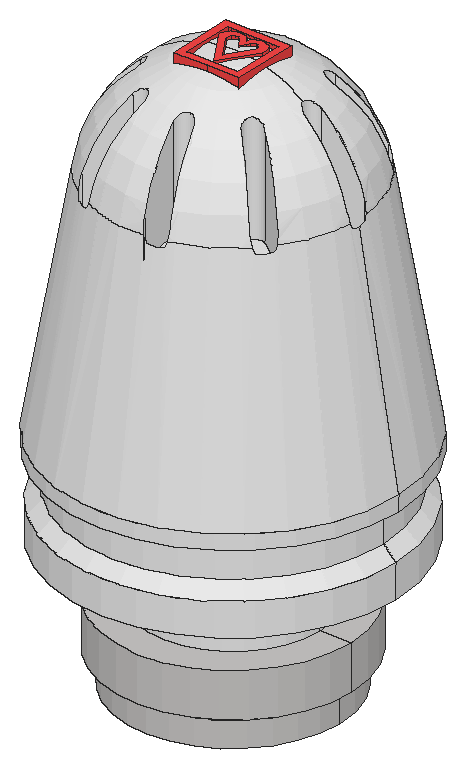
Revit family "HERZ-Mini-Turbo-Design-Thermostatic Sensor M28x1.5 9200 16", category Rohrzubehör, Revit 2019
Family settings
  Bemaßung runder Anschluss = Durchmesser verwenden
  Teiletyp = Normal
  OmniClass-Nummer = 23.65.55.14
  OmniClass-Titel = Valves for Liquid Services
  Arbeitsebenenbasiert = Nein
  Immer vertikal = Nein
  Beim Laden mit Abzugskörper schneiden = Nein
  Gemeinsam genutzt = Nein
Parameters
  URL = "www.herzvalves.com"
  Set value range = "6-28°C"  # constant formula
  S02 = 60 mm  # constant formula
  S01 = 73 mm  # constant formula
  Part number = 1920016  # constant formula
  Operation = "The HERZ thermostat serves as a sensing and control element.\r\nThe volumetric change of the liquid filling in the HERZ hydrosensor moves the thrust spindle of the valve."
  Shut off zero position = "When set to \"0\", the thermostatic valve is shut off and the frost protection is disabled."
  Hersteller = "HERZ Armaturen Ges.m.b.H."  # constant formula
  Hand wheel = "plastic, white"  # constant formula
  Frost protection = 6 °C  # constant formula
  Frost protection setpoint range = "6-28°C"  # constant formula
  Frost protection * = "When set to *, the valve automatically opens at approx.\r\n6 ° C ambient temperature and prevents the system from freezing."
  Application = "For mounting on valves that are designed for thermostatic operation"
Reference planes
  plane 1 "Mitte (Vorne/hinten)": y = 0
  plane 2: z = 0
  plane 3 "Mitte (Links/rechts)": x = 0
Forms (mm)
  Revolve 1, solid, material "Kunststoff weiß", detail levels fine
    sketch origin (0, 0, 0) x (1, 0, 0) y (0, 0, 1)
      loop
        line (0, 0) -> (0, 73)
        arc (0, 73) -> (-11.397, 68.78) -> (-17.297, 58.156) r 17.5
        arc (-17.297, 58.156) -> (-20.011, 42.065) -> (-22.88, 26) r 1681.293
        line (-22.88, 26) -> (-22.88, 24) -> (-20.75, 24) -> (-20.75, 19.25) -> (-22.5, 17.5) -> (-22.5, 13) -> (-12.8, 13)
        arc (-12.8, 13) -> (-12.234, 12.766) -> (-12, 12.2) r 0.8
        line (-12, 12.2) -> (-12, 4.8) -> (-13.2, 4.8) -> (-13.2, 0) -> (0, 0)
      axis (0, 73) -> (0, 0)
    angle from 0 to 360
  Revolve 2, solid, material "Messing verzinkt", detail levels fine
    sketch origin (0, 0, 0) x (1, 0, 0) y (0, 0, 1)
      loop
        line (0, 0) -> (0, 5.5) -> (-16.35, 5.5) -> (-16.35, -0.576) -> (-14.75, -1.5) -> (-14.75, -5) -> (-13.35, -5) -> (-13.35, 0) -> (0, 0)
      axis (0, 5.5) -> (0, -5)
    angle from 0 to 360
  Extrusion 3, void
    sketch origin (0, 0, 0) x (1, 0, 0) y (0, 1, 0)
      loop
        arc (11.027, 1.298) -> (9.8, 0) -> (11.027, -1.298) r 1.3
        line (11.027, -1.298) -> (16.77, -1.62)
        arc (16.77, -1.62) -> (17.178, -1.485) -> (17.384, -1.107) r 0.586
        arc (17.384, -1.107) -> (17.453, 0.011) -> (17.382, 1.129) r 9
        arc (17.382, 1.129) -> (17.183, 1.492) -> (16.79, 1.621) r 0.564
        line (16.79, 1.621) -> (11.027, 1.298)
      loop
        line (9.282, 6.094) -> (13.904, 9.55)
        arc (13.904, 9.55) -> (14.121, 9.902) -> (14.04, 10.308) r 0.564
        arc (14.04, 10.308) -> (13.376, 11.21) -> (12.605, 12.023) r 9
        arc (12.605, 12.023) -> (12.205, 12.18) -> (11.805, 12.021) r 0.586
        line (11.805, 12.021) -> (7.613, 8.082)
        arc (7.613, 8.082) -> (7.507, 6.299) -> (9.282, 6.094) r 1.3
      loop
        arc (0.637, 11.085) -> (1.702, 9.651) -> (3.193, 10.634) r 1.3
        line (3.193, 10.634) -> (4.508, 16.234)
        arc (4.508, 16.234) -> (4.445, 16.659) -> (4.109, 16.928) r 0.586
        arc (4.109, 16.928) -> (3.02, 17.189) -> (1.907, 17.313) r 9
        arc (1.907, 17.313) -> (1.515, 17.181) -> (1.319, 16.816) r 0.564
        line (1.319, 16.816) -> (0.637, 11.085)
      loop
        line (-4.39, 10.199) -> (-6.991, 15.351)
        arc (-6.991, 15.351) -> (-7.3, 15.626) -> (-7.713, 15.617) r 0.564
        arc (-7.713, 15.617) -> (-8.717, 15.12) -> (-9.651, 14.501) r 9
        arc (-9.651, 14.501) -> (-9.875, 14.134) -> (-9.788, 13.713) r 0.586
        line (-9.788, 13.713) -> (-6.638, 8.901)
        arc (-6.638, 8.901) -> (-4.9, 8.487) -> (-4.39, 10.199) r 1.3
      loop
        arc (-10.806, 2.552) -> (-9.209, 3.352) -> (-9.918, 4.991) r 1.3
        line (-9.918, 4.991) -> (-15.204, 7.258)
        arc (-15.204, 7.258) -> (-15.634, 7.271) -> (-15.957, 6.986) r 0.586
        arc (-15.957, 6.986) -> (-16.404, 5.959) -> (-16.719, 4.884) r 9
        arc (-16.719, 4.884) -> (-16.657, 4.475) -> (-16.332, 4.219) r 0.564
        line (-16.332, 4.219) -> (-10.806, 2.552)
      loop
        line (-10.806, -2.552) -> (-16.332, -4.219)
        arc (-16.332, -4.219) -> (-16.657, -4.475) -> (-16.719, -4.884) r 0.564
        arc (-16.719, -4.884) -> (-16.404, -5.959) -> (-15.957, -6.986) r 9
        arc (-15.957, -6.986) -> (-15.634, -7.271) -> (-15.204, -7.258) r 0.586
        line (-15.204, -7.258) -> (-9.918, -4.991)
        arc (-9.918, -4.991) -> (-9.209, -3.352) -> (-10.806, -2.552) r 1.3
      loop
        arc (9.282, -6.094) -> (7.507, -6.299) -> (7.613, -8.082) r 1.3
        line (7.613, -8.082) -> (11.805, -12.021)
        arc (11.805, -12.021) -> (12.205, -12.18) -> (12.605, -12.023) r 0.586
        arc (12.605, -12.023) -> (13.376, -11.21) -> (14.04, -10.308) r 9
        arc (14.04, -10.308) -> (14.121, -9.902) -> (13.904, -9.55) r 0.564
        line (13.904, -9.55) -> (9.282, -6.094)
      loop
        line (0.637, -11.085) -> (1.319, -16.816)
        arc (1.319, -16.816) -> (1.515, -17.181) -> (1.907, -17.313) r 0.564
        arc (1.907, -17.313) -> (3.02, -17.189) -> (4.109, -16.928) r 9
        arc (4.109, -16.928) -> (4.445, -16.659) -> (4.508, -16.234) r 0.586
        line (4.508, -16.234) -> (3.193, -10.634)
        arc (3.193, -10.634) -> (1.702, -9.651) -> (0.637, -11.085) r 1.3
      loop
        arc (-4.39, -10.199) -> (-4.9, -8.487) -> (-6.638, -8.901) r 1.3
        line (-6.638, -8.901) -> (-9.788, -13.713)
        arc (-9.788, -13.713) -> (-9.875, -14.134) -> (-9.651, -14.501) r 0.586
        arc (-9.651, -14.501) -> (-8.717, -15.12) -> (-7.713, -15.617) r 9
        arc (-7.713, -15.617) -> (-7.3, -15.626) -> (-6.991, -15.351) r 0.564
        line (-6.991, -15.351) -> (-4.39, -10.199)
    from 55 to 73
Cuts and joins
  Extrusion 3 cuts Revolve 1
Lines and regions (mm)
  model lines, detail levels coarse+medium
    curve 1: line (0, 0, 0) -> (0, 0, 13)
    curve 2: line (0, -0.017, 0) -> (0, 13, 0)
    curve 3: circle (0, 0, 43) r 30 normal (0, -1, 0)
    curve 4: line (0, 0, 23) -> (0, 0, 63)
    curve 5: line (-17.5, 0, 63) -> (17.5, 0, 63)
    curve 6: circle (0, -0.017, 43) r 30 normal (1, 0, 0)
    curve 7: line (0, -0.017, 23) -> (0, -0.017, 63)
    curve 8: line (0, 17.483, 63) -> (0, -17.517, 63)
    curve 9: circle (0, 43, 0) r 30 normal (0, 0, 1)
    curve 10: line (0, 23, 0) -> (0, 63, 0)
    curve 11: line (-17.5, 63, 0) -> (17.5, 63, 0)
Dimensions and locks
  "S01": curve 3 to plane 2
  "S01": curve 6 to plane 2
  "S01": plane 1 "Mitte (Vorne/hinten)" to curve 9
  "S02": diameter of curve 3
  "S02": diameter of curve 6
  "S02": diameter of curve 9
  aligned and locked: level to plane 2
Automatic sketch dimensions
  Revolve 1 sketch curve to level = 0 mm
  Revolve 1 sketch curve to plane 3 "Mitte (Links/rechts)" = 0 mm  (x2)
  Revolve 1 sketch curve to plane 3 "Mitte (Links/rechts)" = 12 mm
  Revolve 1 sketch curve to Revolve 1 sketch curve = 0.8 mm
  Revolve 1 sketch curve to Revolve 1 sketch curve = 1.2 mm
  Revolve 1 sketch curve to Revolve 1 sketch curve = 7.95 mm
  Revolve 1 sketch curve to Revolve 1 sketch curve = 1.75 mm  (x2)
  Revolve 1 sketch curve to Revolve 1 sketch curve = 2.13 mm
  level to Revolve 1 sketch curve = 329.658 mm
  Revolve 1 sketch curve to plane 3 "Mitte (Links/rechts)" = 1676.524 mm
  level to Revolve 1 sketch curve = 4.8 mm
  Revolve 1 sketch curve to Revolve 1 sketch curve = 7.4 mm
  Revolve 1 sketch curve to Revolve 1 sketch curve = 4.5 mm
  Revolve 1 sketch curve to Revolve 1 sketch curve = 4.75 mm
  Revolve 1 sketch curve to Revolve 1 sketch curve = 2 mm
  Revolve 1 sketch curve to Revolve 1 sketch curve = 29.5 mm
  Revolve 1 sketch curve to Revolve 1 sketch curve = 17.5 mm
  Revolve 1 sketch curve to level = 366.045 mm
  Revolve 1 sketch curve to Revolve 1 sketch curve = 2141.315 mm
  Revolve 2 sketch curve to level = 0 mm
  Revolve 2 sketch curve to plane 3 "Mitte (Links/rechts)" = 0 mm  (x2)
  Revolve 2 sketch curve to level = 5 mm
  Revolve 2 sketch curve to plane 3 "Mitte (Links/rechts)" = 13.35 mm
  Revolve 2 sketch curve to Revolve 2 sketch curve = 1.4 mm
  Revolve 2 sketch curve to level = 0.576 mm
  Revolve 2 sketch curve to Revolve 2 sketch curve = 1.6 mm
  Revolve 2 sketch curve to level = 1.5 mm
  level to Revolve 2 sketch curve = 5.5 mm
  Revolve 2 sketch curve to Revolve 2 sketch curve = 361.045 mm
  Revolve 2 sketch curve to Revolve 2 sketch curve = 2208.815 mm
  plane 1 "Mitte (Vorne/hinten)" to Extrusion 3 sketch curve = 0 mm  (x2)
  Extrusion 3 sketch curve to plane 1 "Mitte (Vorne/hinten)" = 4.219 mm
  Extrusion 3 sketch curve to plane 3 "Mitte (Links/rechts)" = 16.332 mm
  plane 1 "Mitte (Vorne/hinten)" to Extrusion 3 sketch curve = 4.219 mm
  Extrusion 3 sketch curve to Extrusion 3 sketch curve = 0 mm  (x11)
  Extrusion 3 sketch curve to Extrusion 3 sketch curve = 0.163 mm  (x2)
  Extrusion 3 sketch curve to Extrusion 3 sketch curve = 0.734 mm  (x2)
  plane 1 "Mitte (Vorne/hinten)" to Extrusion 3 sketch curve = 7.258 mm
  Extrusion 3 sketch curve to Extrusion 3 sketch curve = 0.231 mm  (x2)
  Extrusion 3 sketch curve to plane 1 "Mitte (Vorne/hinten)" = 7.258 mm
  plane 1 "Mitte (Vorne/hinten)" to Extrusion 3 sketch curve = 2.552 mm
  Extrusion 3 sketch curve to Extrusion 3 sketch curve = 5.526 mm
  Extrusion 3 sketch curve to plane 1 "Mitte (Vorne/hinten)" = 2.552 mm
  Extrusion 3 sketch curve to Extrusion 3 sketch curve = 0.375 mm  (x2)
  Extrusion 3 sketch curve to Extrusion 3 sketch curve = 0.512 mm  (x2)
  Extrusion 3 sketch curve to Extrusion 3 sketch curve = 5.416 mm  (x2)
  Extrusion 3 sketch curve to Extrusion 3 sketch curve = 0.49 mm  (x2)
  Extrusion 3 sketch curve to Extrusion 3 sketch curve = 2.488 mm  (x2)
  Extrusion 3 sketch curve to Extrusion 3 sketch curve = 1.803 mm  (x2)
  Extrusion 3 sketch curve to Extrusion 3 sketch curve = 0.504 mm  (x2)
  Extrusion 3 sketch curve to Extrusion 3 sketch curve = 3.281 mm  (x2)
  Extrusion 3 sketch curve to Extrusion 3 sketch curve = 1.088 mm  (x2)
  Extrusion 3 sketch curve to Extrusion 3 sketch curve = 1.16 mm  (x2)
  Extrusion 3 sketch curve to Extrusion 3 sketch curve = 1.324 mm  (x2)
  plane 3 "Mitte (Links/rechts)" to Extrusion 3 sketch curve = 0.637 mm  (x2)
  plane 3 "Mitte (Links/rechts)" to Extrusion 3 sketch curve = 1.319 mm  (x2)
  plane 3 "Mitte (Links/rechts)" to Extrusion 3 sketch curve = 1.468 mm  (x2)
  Extrusion 3 sketch curve to Extrusion 3 sketch curve = 0.561 mm  (x2)
  Extrusion 3 sketch curve to Extrusion 3 sketch curve = 1.291 mm  (x2)
  Extrusion 3 sketch curve to Extrusion 3 sketch curve = 1.266 mm  (x2)
  Extrusion 3 sketch curve to Extrusion 3 sketch curve = 2.058 mm  (x2)
  Extrusion 3 sketch curve to Extrusion 3 sketch curve = 0.57 mm  (x2)
  Extrusion 3 sketch curve to Extrusion 3 sketch curve = 5.007 mm  (x2)
  Extrusion 3 sketch curve to Extrusion 3 sketch curve = 1.138 mm  (x2)
  Extrusion 3 sketch curve to Extrusion 3 sketch curve = 1.978 mm
  Extrusion 3 sketch curve to Extrusion 3 sketch curve = 0.89 mm  (x2)
  Extrusion 3 sketch curve to Extrusion 3 sketch curve = 0.779 mm  (x2)
  plane 1 "Mitte (Vorne/hinten)" to Extrusion 3 sketch curve = 1.298 mm
  Extrusion 3 sketch curve to Extrusion 3 sketch curve = 2.575 mm
  Extrusion 3 sketch curve to Extrusion 3 sketch curve = 0.073 mm
  Extrusion 3 sketch curve to Extrusion 3 sketch curve = 4.192 mm  (x2)
  Extrusion 3 sketch curve to Extrusion 3 sketch curve = 0.401 mm  (x2)
  Extrusion 3 sketch curve to Extrusion 3 sketch curve = 1.36 mm  (x2)
  Extrusion 3 sketch curve to Extrusion 3 sketch curve = 0.338 mm  (x2)
  plane 1 "Mitte (Vorne/hinten)" to Extrusion 3 sketch curve = 1.62 mm
  Extrusion 3 sketch curve to Extrusion 3 sketch curve = 5.743 mm
  Extrusion 3 sketch curve to plane 1 "Mitte (Vorne/hinten)" = 1.621 mm
  Extrusion 3 sketch curve to Extrusion 3 sketch curve = 0.02 mm
  Extrusion 3 sketch curve to Extrusion 3 sketch curve = 0.033 mm
  Extrusion 3 sketch curve to Extrusion 3 sketch curve = 0.032 mm
  plane 1 "Mitte (Vorne/hinten)" to Extrusion 3 sketch curve = 7.32 mm
  Extrusion 3 sketch curve to Extrusion 3 sketch curve = 6.784 mm
  Extrusion 3 sketch curve to Extrusion 3 sketch curve = 1.004 mm
  Extrusion 3 sketch curve to Extrusion 3 sketch curve = 1.581 mm  (x2)
  Extrusion 3 sketch curve to Extrusion 3 sketch curve = 1.468 mm
  Extrusion 3 sketch curve to Extrusion 3 sketch curve = 0.712 mm  (x2)
  Extrusion 3 sketch curve to Extrusion 3 sketch curve = 0.452 mm  (x2)
  Extrusion 3 sketch curve to Extrusion 3 sketch curve = 2.31 mm  (x2)
  Extrusion 3 sketch curve to Extrusion 3 sketch curve = 0.297 mm  (x2)
  Extrusion 3 sketch curve to Extrusion 3 sketch curve = 1.591 mm  (x2)
  Extrusion 3 sketch curve to Extrusion 3 sketch curve = 0.427 mm  (x2)
  Extrusion 3 sketch curve to Extrusion 3 sketch curve = 4.812 mm  (x2)
  Extrusion 3 sketch curve to Extrusion 3 sketch curve = 0.321 mm  (x2)
  Extrusion 3 sketch curve to Extrusion 3 sketch curve = 1.063 mm  (x2)
  Extrusion 3 sketch curve to Extrusion 3 sketch curve = 0.254 mm  (x2)
  Extrusion 3 sketch curve to Extrusion 3 sketch curve = 5.599 mm  (x2)
  Extrusion 3 sketch curve to Extrusion 3 sketch curve = 0.134 mm  (x2)
  Extrusion 3 sketch curve to Extrusion 3 sketch curve = 0.382 mm  (x2)
  Extrusion 3 sketch curve to Extrusion 3 sketch curve = 0.067 mm  (x2)
  Extrusion 3 sketch curve to Extrusion 3 sketch curve = 0.947 mm
  Extrusion 3 sketch curve to Extrusion 3 sketch curve = 0.539 mm  (x2)
  Extrusion 3 sketch curve to Extrusion 3 sketch curve = 1.702 mm
  Extrusion 3 sketch curve to Extrusion 3 sketch curve = 2.439 mm
  Extrusion 3 sketch curve to Extrusion 3 sketch curve = 0.54 mm  (x2)
  Extrusion 3 sketch curve to Extrusion 3 sketch curve = 0.905 mm
  Extrusion 3 sketch curve to Extrusion 3 sketch curve = 0.585 mm
  Extrusion 3 sketch curve to Extrusion 3 sketch curve = 0.564 mm
  Extrusion 3 sketch curve to Extrusion 3 sketch curve = 0.339 mm
  Extrusion 3 sketch curve to Extrusion 3 sketch curve = 1.245 mm
  Extrusion 3 sketch curve to plane 1 "Mitte (Vorne/hinten)" = 5.433 mm
  Extrusion 3 sketch curve to Extrusion 3 sketch curve = 0.661 mm
  Extrusion 3 sketch curve to Extrusion 3 sketch curve = 1.041 mm
  Extrusion 3 sketch curve to Extrusion 3 sketch curve = 4.429 mm
  Extrusion 3 sketch curve to Extrusion 3 sketch curve = 2.891 mm
  Extrusion 3 sketch curve to Extrusion 3 sketch curve = 3.456 mm
  Extrusion 3 sketch curve to plane 1 "Mitte (Vorne/hinten)" = 1.298 mm  (x2)
  plane 1 "Mitte (Vorne/hinten)" to curve 6 = 0.017 mm
  plane 1 "Mitte (Vorne/hinten)" to curve 7 = 0.017 mm
  curve 8 to curve 7 = 17.5 mm
  curve 8 to plane 1 "Mitte (Vorne/hinten)" = 17.483 mm
  curve 7 to curve 6 = 20 mm
  curve 6 to curve 8 = 20 mm
  curve 3 to plane 3 "Mitte (Links/rechts)" = 0 mm
  curve 4 to plane 3 "Mitte (Links/rechts)" = 0 mm
  curve 1 to plane 3 "Mitte (Links/rechts)" = 0 mm
  curve 1 to level = 0 mm
  curve 5 to curve 4 = 17.5 mm
  plane 3 "Mitte (Links/rechts)" to curve 5 = 17.5 mm
  curve 1 to curve 4 = 10 mm
  curve 3 to curve 5 = 20 mm
  curve 9 to plane 3 "Mitte (Links/rechts)" = 0 mm
  curve 10 to plane 3 "Mitte (Links/rechts)" = 0 mm
  curve 2 to plane 3 "Mitte (Links/rechts)" = 0 mm
  curve 11 to curve 10 = 17.5 mm
  plane 3 "Mitte (Links/rechts)" to curve 11 = 17.5 mm
  plane 1 "Mitte (Vorne/hinten)" to curve 2 = 0.017 mm
  curve 2 to curve 10 = 10 mm
  curve 9 to curve 11 = 20 mm
Nested families
  nested 1: "Herz-Logo" at (0, 0, 71.5), type "Herz-Logo", detail levels fine
Definition of nested family "Herz-Logo"
  Reference planes
    plane 1 "Mitte (Vorne/hinten)": y = 0
    plane 2: z = 0
    plane 3 "Mitte (Links/rechts)": x = 0
  Forms (mm)
    Extrusion 1, solid
      sketch origin (0, 0, 0) x (1, 0, 0) y (0, 1, 0)
        loop
          line (-0.018, -4.517) -> (4.482, -4.517) -> (4.482, 4.483) -> (-4.518, 4.483) -> (-4.518, -4.517) -> (-0.018, -4.517)
        loop
          line (-0.05, -3.48) -> (3.482, -3.48) -> (3.482, 3.483) -> (-3.518, 3.483) -> (-3.518, -3.48) -> (-0.05, -3.48)
        loop
          arc (-0.018, 2.383) -> (-1.543, 3.287) -> (-3.067, 2.383) r 1.738
          arc (-3.067, 2.383) -> (-3.191, 1.899) -> (-3.067, 1.415) r 1.009
          line (-3.067, 1.415) -> (-0.018, -3.281) -> (3.032, 1.415)
          arc (3.032, 1.415) -> (3.156, 1.899) -> (3.032, 2.383) r 1.009
          arc (3.032, 2.383) -> (1.507, 3.287) -> (-0.018, 2.383) r 1.738
        loop
          arc (1.885, 1.272) -> (2.005, 1.675) -> (1.885, 2.079) r 0.74
          arc (1.885, 2.079) -> (1.265, 2.416) -> (0.644, 2.079) r 0.74
          line (0.644, 2.079) -> (-0.018, 0.97) -> (-0.679, 2.079)
          arc (-0.679, 2.079) -> (-1.3, 2.416) -> (-1.921, 2.079) r 0.74
          arc (-1.921, 2.079) -> (-2.04, 1.675) -> (-1.921, 1.272) r 0.74
          line (-1.921, 1.272) -> (-0.018, -1.658) -> (1.885, 1.272)
      from 0 to 1.5
  Dimensions and locks
    aligned and locked: level to plane 2
